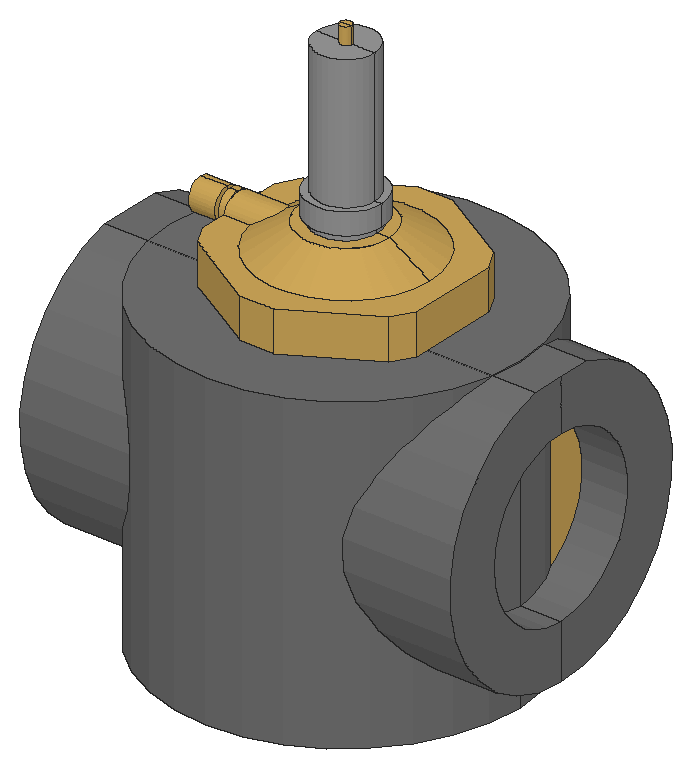
Revit family "Differenzdruckregler 4002 5-30kPa", category Rohrzubehör, Revit 2018
Family settings
  Bemaßung runder Anschluss = Durchmesser verwenden
  Teiletyp = Unterbricht
  OmniClass-Nummer = 23.65.55.14
  OmniClass-Titel = Valves for Liquid Services
  Arbeitsebenenbasiert = Nein
  Immer vertikal = Ja
  Beim Laden mit Abzugskörper schneiden = Nein
  Gemeinsam genutzt = Nein
Parameters (values of type "Mit Dämmung")
  y4 [instance] = y2 - K14  # 56.000 mm
  y3 [instance] = y2 - K14  # 56.000 mm
  y2 [instance] = K14 + K9 + H01  # 72.649 mm
  y1 [instance] = (R03 * 2) + R05  # 140.000 mm
  PN = 16  # constant formula
  Min. Betriebstemperatur (Frostschutz) = -20 °C  # constant formula
  Max. zulässige Betriebstemperatur bis DN32 = 130 °C  # constant formula
  Max. zulässige Betriebstemperatur DN40 - DN50 = 110 °C  # constant formula
  Max. Differenzdruck am Gehäuse = 400000.0 Pa  # constant formula
  Max. Betriebsdruck = 1600000.0 Pa  # constant formula
  Ventilschaft = "Edelstahl 14301"  # constant formula
  VRL01 = 30.000 mm  # constant formula
  V12 = 17.000 mm  # constant formula
  V10 = 16.000 mm  # constant formula
  V08 [instance] = G01 + 3.000 mm  # 38.000 mm
  V03 [instance] = G01 + 5.000 mm  # 40.000 mm
  V02 [instance] = V01 + 4.500 mm  # 29.500 mm
  V01 [instance] = Nennweite / 2  # 25.000 mm
  URL = "www.herz-armaturen.at"
  SCRNSEQ = "ARM;ARM_TYP=\"DIFR\";2"
  SCRNCODE = "05;03;4"  # constant formula
  S07 = 10.000 mm  # constant formula
  S05 [instance] = S01 - 1.000 mm  # 25.000 mm
  S04 [instance] = S02 - 1.000 mm  # 27.000 mm
  S03 [instance] = size_lookup("4002 5-30kPa", "S03", 26.500 mm, Nennweite)  # 37.700 mm
  S02 [instance] = size_lookup("4002 5-30kPa", "S02", 19.000 mm, Nennweite)  # 28.000 mm
  S01 [instance] = size_lookup("4002 5-30kPa", "S01", 14.850 mm, Nennweite)  # 26.000 mm
  Regleranschlussmutter = "Messing CW614N"  # constant formula
  Regelbereich = "5 - 30kPa"  # constant formula
  R06 [instance] = size_lookup("4002 5-30kPa", "R06", 14.500 mm, Nennweite)  # 14.500 mm
  R05 [instance] = size_lookup("4002 5-30kPa", "R05", 41.000 mm, Nennweite)  # 104.000 mm
  R04 [instance] = size_lookup("4002 5-30kPa", "R04", 12.500 mm, Nennweite)  # 14.500 mm
  R03 [instance] = size_lookup("4002 5-30kPa", "R03", 8.000 mm, Nennweite)  # 18.000 mm
  R02 = 14.500 mm  # constant formula
  R01 [instance] = size_lookup("4002 5-30kPa", "R01", 11.500 mm, Nennweite)  # 37.600 mm
  Min. Betriebstemperatur (reines Wasser) = 2 °C  # constant formula
  O-Ringe = "EPDM"  # constant formula
  Nennweite [instance] = 50.000 mm
  Membrangehäuse = "Messing CW602N"  # constant formula
  Membrane = "EPDM"  # constant formula
  Medium = "Wasserbeschaffenheit nach ÖNORM H 5195 und VDI 2035\r\nDie Verwendung von Ethylen- und Propylenglykol ist im\r\nMischungsverhältnis 25 - 50 Vol.-% zulässig."
  L07 [instance] = size_lookup("4002 5-30kPa", "L07", 28.500 mm, Nennweite)  # 70.000 mm
  L [instance] = size_lookup("4002 5-30kPa", "L", 66.000 mm, Nennweite)  # 140.000 mm
  K9 = 4.000 mm  # constant formula
  K8 = 55.000 mm  # constant formula
  K7 = 8.700 mm  # constant formula
  K6 = 11.700 mm  # constant formula
  K5 = 13.000 mm  # constant formula
  K4 = 12.000 mm  # constant formula
  K3 = 15.000 mm  # constant formula
  K2 = 2.350 mm  # constant formula
  K18 = 89.000 mm  # constant formula
  K17 = 66.700 mm  # constant formula
  K16 = 3.000 mm  # constant formula
  K15 = 26.649 mm  # constant formula
  K14 = 16.649 mm  # constant formula
  K13 = 16.649 mm  # constant formula
  K12 = 10.000 mm  # constant formula
  K11 = 35.000 mm  # constant formula
  K10 = 18.250 mm  # constant formula
  K1.1 = 2.350 mm  # constant formula
  K1 = 7.651 mm - 1.000 mm  # 6.651 mm
  J9 = 15.700 mm  # constant formula
  J8 = 7.850 mm  # constant formula
  J7 = 15.897 mm  # constant formula
  J6 = 3.900 mm  # constant formula
  J5 = 6.500 mm  # constant formula
  J4 = 1.500 mm  # constant formula
  J3 = 3.200 mm  # constant formula
  J2 = 11.000 mm  # constant formula
  J11 = 3.500 mm  # constant formula
  J10 = 18.897 mm  # constant formula
  J1 = 6.500 mm  # constant formula
  Hersteller = "HERZ-Armaturen Ges.m.b.H"  # constant formula
  H2 [instance] = size_lookup("4002 5-30kPa", "H2", 28.000 mm, Nennweite)  # 58.000 mm
  H1 [instance] = K1 + K2 + K3 + K4 + K5 + K7 + K8 + K16 + 16.650 mm  # 132.351 mm
  H04 = 4.000 mm  # constant formula
  H03 = 9.800 mm  # constant formula
  H02 [instance] = size_lookup("4002 5-30kPa", "H02", 53.000 mm, Nennweite)  # 107.000 mm
  H01 [instance] = size_lookup("4002 5-30kPa", "H01", 25.000 mm, Nennweite)  # 52.000 mm
  Gehäuse = "DZR Messing CC770S"  # constant formula
  G01 [instance] = size_lookup("4002 5-30kPa", "G01", 13.220 mm, Nennweite)  # 35.000 mm
  Einstellspindel = "Messing CW614N"  # constant formula
  Hinweise zum Material = "Gemäß Art 33 der REACH-Verordnung (EG Nr. 1907/2006) sind wir verpflichtet, darauf hinzuweisen,\r\ndass der Stoff Blei auf der SVHC-Liste geführt wird und dass alle aus Messing bestehenden Bauteile,\r\ndie in unseren Erzeugnissen verarbeitet sind, mehr als 0,1 % (w/w) Blei (CAS: 7439-92-1 / EINECS:\r\n231-100-4) enthalten. Da Blei als Legierungsbestandteil fest gebunden ist, sind keine Expositionen zu\r\nerwarten und daher sind keine zusätzlichen Angaben zur sicheren Verwendung notwendig.\r\n\r\nIm Hanf enthaltenes Ammoniak schädigt\r\nMessingventilgehäuse, EPDM Dichtungen werden durch\r\nMineralöle bzw. mineralölhaltige Schmierstoffe aufgequollen\r\nund führen somit zum Ausfall der EPDM-Dichtungen. Für\r\nFrost- und Korrosionsschutzmittel auf der Basis von Ethylen- und Propylenglykol sind die entsprechenden\r\nAngaben den Unterlagen des Herstellers zu entnehmen."
  Dämmung = yes
  Dämmschale = "EPP (expandiertes Polypropylen)"  # constant formula
  Druckfeder = "Federstahl 14310 NS"  # constant formula
  D07 [instance] = if(Nennweite = 15.000 mm, 32.000 mm, if(Nennweite = 20.000 mm, 33.000 mm, if(Nennweite = 25.000 mm, 33.000 mm, if(Nennweite = 32.000 mm, 49.000 mm, if(Nennweite = 40.000 mm, 57.560 mm, if(Nennweite = 50.000 mm, 57.560 mm, 0.000 mm))))))  # 57.560 mm
  D06 [instance] = if(Nennweite = 15.000 mm, 32.000 mm, if(Nennweite = 20.000 mm, 33.000 mm, if(Nennweite = 25.000 mm, 33.000 mm, if(Nennweite = 32.000 mm, 49.000 mm, if(Nennweite = 40.000 mm, 57.560 mm, if(Nennweite = 50.000 mm, 57.560 mm, 0.000 mm))))))  # 57.560 mm
  D05 [instance] = if(Nennweite = 15.000 mm, 36.750 mm, if(Nennweite = 20.000 mm, 40.700 mm, if(Nennweite = 25.000 mm, 49.200 mm, if(Nennweite = 32.000 mm, 54.150 mm, if(Nennweite = 40.000 mm, 60.750 mm, if(Nennweite = 50.000 mm, 72.700 mm, 0.000 mm))))))  # 72.700 mm
  D04 [instance] = if(Nennweite = 15.000 mm, 78.500 mm, if(Nennweite = 20.000 mm, 82.000 mm, if(Nennweite = 25.000 mm, 84.000 mm, if(Nennweite = 32.000 mm, 120.000 mm, if(Nennweite = 40.000 mm, 130.000 mm, if(Nennweite = 50.000 mm, 130.500 mm, 0.000 mm))))))  # 130.500 mm
  D03 [instance] = if(Nennweite = 15.000 mm, 96.000 mm, if(Nennweite = 20.000 mm, 110.000 mm, if(Nennweite = 25.000 mm, 112.000 mm, if(Nennweite = 32.000 mm, 152.000 mm, if(Nennweite = 40.000 mm, 170.000 mm, if(Nennweite = 50.000 mm, 179.000 mm, 0.000 mm))))))  # 179.000 mm
  D01 [instance] = size_lookup("4002 5-30kPa", "G01", 13.220 mm, Nennweite)  # 35.000 mm
  DN50 [instance] = Nennweite = 50.000 mm  # yes
  DN40 [instance] = Nennweite = 40.000 mm  # no
  DN32-40 [instance] = or(Nennweite = 32.000 mm, Nennweite = 40.000 mm)  # no
  DN32 [instance] = Nennweite = 32.000 mm  # no
  DN25 [instance] = Nennweite = 25.000 mm  # no
  DN20 [instance] = Nennweite = 20.000 mm  # no
  DN15-25 [instance] = or(Nennweite = 15.000 mm, Nennweite = 20.000 mm, Nennweite = 25.000 mm)  # no
  DN15,20,25,32,50 [instance] = or(Nennweite = 15.000 mm, Nennweite = 20.000 mm, Nennweite = 25.000 mm, Nennweite = 32.000 mm, Nennweite = 50.000 mm)  # yes
  DN15 [instance] = Nennweite = 15.000 mm  # no
  D02 [instance] = size_lookup("4002 5-30kPa", "R05", 41.000 mm, Nennweite)  # 104.000 mm
  Bestellnummer Dämmung [instance] = if(and(Dämmung, Nennweite = 15.000 mm), 1409611, if(and(Dämmung, Nennweite = 20.000 mm), 1409612, if(and(Dämmung, Nennweite = 25.000 mm), 1409613, if(and(Dämmung, Nennweite = 32.000 mm), 1409614, if(and(Dämmung, Nennweite = 40.000 mm), 1409615, if(and(Dämmung, Nennweite = 50.000 mm), 1409616, 0))))))  # 1409616
  Bestellnummer [instance] = size_lookup("4002 5-30kPa", "Artnr", 0, Nennweite)  # 1400246
  B2 [instance] = size_lookup("4002 5-30kPa", "B2", 31.000 mm, Nennweite)  # 41.000 mm
  B1 [instance] = size_lookup("4002 5-30kPa", "B1", 26.000 mm, Nennweite)  # 41.000 mm
  B04 = 100.649 mm  # constant formula
  B03 = 44.500 mm  # constant formula
  B02 = 104.688 mm  # constant formula
  B01 = 10.000 mm  # constant formula
  Anzeigehülse = "Kunststoff (Rot)"  # constant formula
  Anwendungsgebiet = "Der Differenzdruckregler ist ein Regler mit linearer Kennlinie in Geradsitzausführung und arbeitet ohne\r\nHilfsenergie. Der gewünschte Differenzdruck-Sollwert kann zwischen 5 und 30 kPa; 25 und 60 kPa bzw.\r\n45 und 80 kPa stufenlos eingestellt werden. Der eingestellte Wert ist mit Hilfe des Einstelldiagrammes\r\nablesbar. Werksseitig ist der Sollwert auf Minimum eingestellt. Der erforderliche Sollwert wird mit dem\r\nEinstellwerkzeug (1 4006 02) eingestellt. Im Lieferumfang enthalten ist die Impulsleitung (1000 mm),\r\ndiese ist im Vorlauf einzubinden."
  Anschlussnippel = "Messing CW602N"  # constant formula
Types (2, lengths in mm): name | Dämmung | Bestellnummer Dämmung
  Mit Dämmung | yes | 1409616
  Ohne Dämmung | no | 0
Reference planes
  plane 1 "Mitte (Vorne/hinten)": y = 0
  plane 2: z = 0
  plane 3 "Mitte (Links/rechts)": x = 0
Forms (mm)
  Revolve 1, solid, material "Messing, weicher Gelbton, geschweißt", detail levels fine
    sketch origin (0, 0, 0) x (1, 0, 0) y (0, 0, 1)
      loop
        line (-70, 0) -> (70, 0) -> (70, 35) -> (52, 35) -> (52, 37.6) -> (-52, 37.6) -> (-52, 35) -> (-70, 35) -> (-70, 0)
      axis (-70, 0) -> (70, 0)
    angle from 0 to 360
  Revolve 2, solid, material "Messing, weicher Gelbton, geschweißt", detail levels fine
    sketch origin (0, 0, 0) x (1, 0, 0) y (0, 0, 1)
      loop
        line (0, -58) -> (0, 0) -> (-27, 0) -> (-27, -48.2) -> (-28, -48.2) -> (-28, -58) -> (0, -58)
      axis (0, 0) -> (0, -58)
    angle from 0 to 360
  Extrusion 3, solid, material "Messing, weicher Gelbton, geschweißt", detail levels fine
    sketch origin (0, 0, 0) x (0, -1, 0) y (1, 0, 0)
      loop
        line (-46, -7.038) -> (-27.114, -39.75) -> (-18.886, -44.5) -> (18.886, -44.5) -> (27.114, -39.75) -> (46, -7.038) -> (46, 7.038) -> (27.114, 39.75) -> (18.886, 44.5) -> (-18.886, 44.5) -> (-27.114, 39.75) -> (-46, 7.038) -> (-46, -7.038)
    from 56 to 72.649
  Revolve 4, solid, material "Messing, weicher Gelbton, geschweißt", detail levels fine
    sketch origin (0, 0, -7.051) x (1, 0, 0) y (0, 0, 1)
      loop
        line (0, 79.7) -> (0, 89.7) -> (-18.25, 89.7) -> (-35, 79.7) -> (0, 79.7)
      axis (0, 89.7) -> (0, 79.7)
    angle from 0 to 360
  Revolve 5, solid, material "Messing, weicher Gelbton, geschweißt", visible <- "DN15-25", detail levels fine
    sketch origin (-11, 0, 0) x (1, 0, 0) y (0, 1, 0)
      loop
        line (-3.5, 41) -> (-11.2, 41) -> (-11.2, 0) -> (-3.5, 0) -> (-3.5, 41)
      axis (-3.5, 0) -> (-3.5, 41)
    angle from 0 to 360
  Revolve 6, solid, material "Messing, weicher Gelbton, geschweißt", visible <- "DN15,20,25,32,50", detail levels fine
    sketch origin (-0.988, 0, -6.853) x (-1, 0, 0) y (0, 0, 1)
      loop
        line (43.5, 78.75) -> (59.2, 78.75) -> (59.2, 85.25) -> (48.2, 85.25) -> (48.2, 82.65) -> (46.7, 82.65) -> (46.7, 85.25) -> (43.5, 85.25) -> (43.5, 78.75)
      axis (43.5, 78.75) -> (59.2, 78.75)
    angle from 0 to 360
  Extrusion 7, solid, material "Messing, weicher Gelbton, geschweißt", visible <- "DN15,20,25,32,50", detail levels fine
    sketch origin (0, 0, 0) x (0, 1, 0) y (0, 0, -1)
      loop
        line (7.85, -70.547) -> (7.85, -59.5) -> (-7.85, -59.5) -> (-7.85, -70.547)
        arc (-7.85, -70.547) -> (0, -78.397) -> (7.85, -70.547) r 7.85
    from 0 to 44.5
  Revolve 8, solid, material "Kunststoff rot", detail levels fine
    sketch origin (0, 0, 0) x (1, 0, 0) y (0, 0, 1)
      loop
        line (-12, 149.349) -> (-12, 94.349) -> (-15, 94.349) -> (-15, 85.649) -> (-13, 85.649) -> (-13, 82.649) -> (0, 82.649) -> (0, 149.349) -> (-12, 149.349)
      axis (0, 149.349) -> (0, 82.649)
    angle from 0 to 360
  Revolve 9, solid, material "Messing, weicher Gelbton, geschweißt", visible <- "DN15-25", detail levels fine
    sketch origin (-2, 0, 0) x (1, 0, 0) y (0, 1, 0)
      loop
        line (-12.5, 0) -> (-21.5, 0) -> (-21.5, -41) -> (-12.5, -41) -> (-12.5, 0)
      axis (-12.5, 0) -> (-12.5, -41)
    angle from 0 to 360
  Revolve 10, solid, material "Messing, weicher Gelbton, geschweißt", visible <- "DN15-25", detail levels fine
    sketch origin (2, 0, 0) x (1, 0, 0) y (0, 1, 0)
      loop
        line (12.5, 0) -> (12.5, -41) -> (21.6, -41) -> (21.6, 0) -> (12.5, 0)
      axis (12.5, 0) -> (12.5, -41)
    angle from 0 to 360
  Extrusion 11, solid, material "Messing, weicher Gelbton, geschweißt", visible <- "DN32", detail levels fine
    sketch origin (-31.5, 0, 0) x (1, 0, 0) y (0, 1, 0)
      loop
        circle (63, 0) r 6.578
      loop
        circle (63, 0) r 3.28
    from -47 to 0
  Extrusion 12, solid, material "Messing, weicher Gelbton, geschweißt", visible <- "DN32", detail levels fine
    sketch origin (31.5, 0, 0) x (-1, 0, 0) y (0, -1, 0)
      loop
        circle (63, 0) r 6.578
      loop
        circle (63, 0) r 3.28
    from -47 to 0
  Revolve 13, solid, material "Messing, weicher Gelbton, geschweißt", detail levels fine
    sketch origin (0, 0, 0) x (1, 0, 0) y (0, 0, 1)
      loop
        line (-25, 0) -> (0, 0) -> (0, 56) -> (-21, 56) -> (-21, 52) -> (-26, 52) -> (-26, 42.2) -> (-25, 42.2) -> (-25, 0)
      axis (0, 56) -> (0, 0)
    angle from 0 to 360
  Extrusion 14, solid, material "Messing, weicher Gelbton, geschweißt", visible <- "DN40", detail levels fine
    sketch origin (29.382, 0, 0) x (-1, 0, 0) y (0, -1, 0)
      loop
        circle (63, 0) r 6.578
      loop
        circle (63, 0) r 3.28
    from -58 to 0
  Extrusion 15, solid, material "Messing, weicher Gelbton, geschweißt", visible <- "DN40", detail levels fine
    sketch origin (-29.455, 0, 0) x (1, 0, 0) y (0, 1, 0)
      loop
        circle (63, 0) r 6.578
      loop
        circle (63, 0) r 3.28
    from -58 to 0
  Extrusion 16, solid, material "Messing, weicher Gelbton, geschweißt", visible <- "DN50", detail levels fine
    sketch origin (28.422, 0, 0) x (-1, 0, 0) y (0, -1, 0)
      loop
        circle (63, 0) r 6.578
      loop
        circle (63, 0) r 3.28
    from -58 to 0
  Extrusion 17, solid, material "Messing, weicher Gelbton, geschweißt", visible <- "DN50", detail levels fine
    sketch origin (-28.422, 0, 0) x (1, 0, 0) y (0, 1, 0)
      loop
        circle (63, 0) r 6.578
      loop
        circle (63, 0) r 3.28
    from -58 to 0
  Revolve 18, solid, material "Messing, weicher Gelbton, geschweißt", detail levels fine
    sketch origin (0, 0, 0) x (1, 0, 0) y (0, 0, 1)
      loop
        line (-2.35, 148.349) -> (0, 148.349) -> (0, 156) -> (-2.35, 156) -> (-2.35, 148.349)
      axis (0, 156) -> (0, 148.349)
    angle from 0 to 360
  Revolve 19, solid, material "Messing, weicher Gelbton, geschweißt", visible <- "DN32-40", detail levels fine
    sketch origin (-11, 0, 0) x (1, 0, 0) y (0, 1, 0)
      loop
        line (-3.5, -41) -> (-3.5, 0) -> (-11.2, 0) -> (-11.2, -41) -> (-3.5, -41)
      axis (-3.5, 0) -> (-3.5, -41)
    angle from 0 to 360
  Extrusion 20, solid, material "Messing, weicher Gelbton, geschweißt", visible <- "DN40", detail levels fine
    sketch origin (0, 0, 0) x (0, 1, 0) y (0, 0, 1)
      loop
        arc (7.85, 74.047) -> (0, 81.897) -> (-7.85, 74.047) r 7.85
        line (-7.85, 74.047) -> (-7.85, 63) -> (7.85, 63) -> (7.85, 74.047)
    from 0 to 44.5
  Revolve 21, solid, material "Messing, weicher Gelbton, geschweißt", visible <- "DN40", detail levels fine
    sketch origin (0.988, 0, -6.853) x (1, 0, 0) y (0, 0, 1)
      loop
        line (43.5, 82.25) -> (59.2, 82.25) -> (59.2, 88.75) -> (48.2, 88.75) -> (48.2, 86.15) -> (46.7, 86.15) -> (46.7, 88.75) -> (43.5, 88.75) -> (43.5, 82.25)
      axis (43.5, 82.25) -> (59.2, 82.25)
    angle from 0 to 360
  Revolve 22, solid, material "Messing, weicher Gelbton, geschweißt", not visible, detail levels fine
    sketch origin (16.501, 0, 0) x (-1, 0, 0) y (0, 0, 1)
      loop
        line (86.501, 0) -> (116.501, 0) -> (116.501, 25) -> (99.501, 25) -> (99.501, 29.5) -> (90.501, 29.5) -> (90.501, 40) -> (83.501, 40) -> (83.501, 38) -> (68.501, 38) -> (68.501, 35) -> (86.501, 35) -> (86.501, 0)
      axis (68.501, 0) -> (116.501, 0)
    angle from 0 to 360
  Revolve 23, solid, material "Messing, weicher Gelbton, geschweißt", not visible, detail levels fine
    sketch origin (-16.501, 0, 0) x (1, 0, 0) y (0, 0, 1)
      loop
        line (86.501, 0) -> (116.501, 0) -> (116.501, 25) -> (99.501, 25) -> (99.501, 29.5) -> (90.501, 29.5) -> (90.501, 40) -> (83.501, 40) -> (83.501, 38) -> (68.501, 38) -> (68.501, 35) -> (86.501, 35) -> (86.501, 0)
      axis (68.501, 0) -> (116.501, 0)
    angle from 0 to 360
  Revolve 24, solid, material "Kunststoff-Anthrazit/Schwarz", visible <- "Dämmung", detail levels fine
    sketch origin (0, 0, 0) x (1, 0, 0) y (0, 0, 1)
      loop
        line (89.5, 57.56) -> (-89.5, 57.56) -> (-89.5, 35) -> (-52, 35) -> (-52, 0) -> (0, 0) -> (52, 0) -> (52, 35) -> (89.5, 35) -> (89.5, 57.56)
      axis (-89.5, 0) -> (89.5, 0)
    angle from 0 to 360
  Revolve 25, solid, material "Kunststoff-Anthrazit/Schwarz", visible <- "Dämmung", detail levels fine
    sketch origin (0, 0, 0) x (1, 0, 0) y (0, 0, 1)
      loop
        line (0, 57.56) -> (0, -72.94) -> (72.7, -72.94) -> (72.7, 57.56) -> (0, 57.56)
      axis (0, -72.94) -> (0, 57.56)
    angle from 0 to 360
  Extrusion 26, void
    sketch origin (-250.451, -32.5, 0) x (1, 0, 0) y (0, 1, 0)
      loop
        line (153.352, -86.003) -> (360.451, -86.003) -> (360.451, 115.627) -> (153.352, 115.627) -> (153.352, -86.003)
    from 56 to 72.649
  Extrusion 27, void
    sketch origin (-295.468, -55, 0) x (1, 0, 0) y (0, 1, 0)
      loop
        line (159.813, -75.595) -> (420.468, -75.595) -> (420.468, 210) -> (159.813, 210) -> (159.813, -75.595)
    from 56 to 72.649
Cuts and joins
  Extrusion 26 cuts Revolve 24
  Extrusion 27 cuts Revolve 25
Lines and regions (mm)
  model lines, detail levels coarse+medium
    curve 1: line (70, -35, 0) -> (70, 35, 0)
    curve 2: line (70, 35, 0) -> (-70, -35, 0)
    curve 3: line (-70, -35, 0) -> (-70, 35, 0)
    curve 4: line (-70, 35, 0) -> (70, -35, 0)
    curve 5: line (0, -42, 0) -> (0, -56, 0)
    curve 6: spline (-44.5, -64.324, 0) -> (-42.984, -62.17, 0) -> (-38.538, -60.162, 0) -> (-31.466, -58.438, 0) -> (-22.25, -57.115, 0) -> (-11.517, -56.284, 0) -> (0, -56, 0) -> (11.517, -56.284, 0) -> (22.25, -57.115, 0) -> (31.466, -58.438, 0) -> (38.538, -60.162, 0) -> (42.984, -62.17, 0) -> (44.5, -64.325, 0) -> (42.984, -66.479, 0) -> (38.538, -68.487, 0) -> (31.466, -70.211, 0) -> (22.25, -71.534, 0) -> (11.517, -72.365, 0) -> (0, -72.649, 0) -> (-11.517, -72.365, 0) -> (-22.25, -71.534, 0) -> (-31.466, -70.211, 0) -> (-38.538, -68.487, 0) -> (-42.984, -66.479, 0) -> (-44.5, -64.324, 0)
    curve 7: line (-70, 0, 35) -> (-70, 0, -35)
    curve 8: line (-70, 0, -35) -> (70, 0, 35)
    curve 10: line (70, 0, -35) -> (-70, 0, 35)
    curve 11: line (0, 0, 35) -> (0, 0, 56)
    curve 12: spline (-44.5, 0, 64.325) -> (-42.984, 0, 66.479) -> (-38.538, 0, 68.487) -> (-31.466, 0, 70.211) -> (-22.25, 0, 71.534) -> (-11.517, 0, 72.365) -> (0, 0, 72.649) -> (11.517, 0, 72.365) -> (22.25, 0, 71.534) -> (31.466, 0, 70.211) -> (38.538, 0, 68.487) -> (42.984, 0, 66.479) -> (44.5, 0, 64.324) -> (42.984, 0, 62.17) -> (38.538, 0, 60.162) -> (31.466, 0, 58.438) -> (22.25, 0, 57.115) -> (11.517, 0, 56.284) -> (0, 0, 56) -> (-11.517, 0, 56.284) -> (-22.25, 0, 57.115) -> (-31.466, 0, 58.438) -> (-38.538, 0, 60.162) -> (-42.984, 0, 62.17) -> (-44.5, 0, 64.325)
    curve 13: line (0, 0, 35) -> (35, 0, 17.5)
    curve 14: line (0, 0, 35) -> (-35, 0, 17.5)
    curve 15: line (70, 0, 0) -> (100, 0, 0)
    curve 16: line (0, -42, 0) -> (-18.2, -9.1, 0)
    curve 17: line (0, -42, 0) -> (18.2, -9.1, 0)
    curve 22: line (70, 0, 35) -> (80, 0, 35)
    curve 23: line (80, 0, 35) -> (70, 0, 0)
    curve 24: line (70, 0, 0) -> (100, 0, 0)
    curve 25: line (70, 0, -35) -> (80, 0, -35)
    curve 26: line (80, 0, -35) -> (70, 0, 0)
    curve 27: line (-70, 35, 0) -> (-80, 35, 0)
    curve 28: line (-80, 35, 0) -> (-70, 0, 0)
    curve 29: line (-70, -35, 0) -> (-80, -35, 0)
    curve 30: line (-80, -35, 0) -> (-70, 0, 0)
    curve 31: line (70, -35, 0) -> (70, 35, 0)
    curve 32: line (70, 35, 0) -> (80, 35, 0)
    curve 33: line (80, 35, 0) -> (70, 0, 0)
    curve 34: line (70, -35, 0) -> (80, -35, 0)
    curve 35: line (80, -35, 0) -> (70, 0, 0)
  model lines, detail levels coarse
    curve 9: line (70, 0, 35) -> (70, 0, -35)
    curve 18: line (-70, 0, 35) -> (-80, 0, 35)
    curve 19: line (-80, 0, 35) -> (-70, 0, 0)
    curve 20: line (-70, 0, -35) -> (-80, 0, -35)
    curve 21: line (-80, 0, -35) -> (-70, 0, 0)
  model lines
    curve 36: line (0, 0, 0) -> (0, -37.5, 0)
    curve 37: line (0, 0, 0) -> (0, -61.5, 0)
Dimensions and locks
  "G01": Revolve 1 sketch curve to Revolve 1 sketch curve  (x2)
  "R01": Revolve 1 sketch curve to Revolve 1 sketch curve
  "R03": Revolve 1 sketch curve to Revolve 1 sketch curve  (x2)
  "K10": Revolve 4 sketch curve to Revolve 4 sketch curve
  "K11": Revolve 4 sketch curve to Revolve 4 sketch curve
  "B1": Revolve 5 sketch curve to Revolve 5 sketch curve
  "J1": Revolve 6 sketch curve to Revolve 6 sketch curve
  "J3": Revolve 6 sketch curve to Revolve 6 sketch curve
  "J4": Revolve 6 sketch curve to Revolve 6 sketch curve
  "J2": Revolve 6 sketch curve to Revolve 6 sketch curve
  "J5": Revolve 6 sketch curve to Revolve 6 sketch curve
  "J6": Revolve 6 sketch curve to Revolve 6 sketch curve
  "H2": plane 2 to Revolve 2 sketch curve
  "H03": Revolve 2 sketch curve to Revolve 2 sketch curve
  "S02": plane 3 "Mitte (Links/rechts)" to Revolve 2 sketch curve
  "B02": Revolve 6 to Extrusion 3
  "B03": Extrusion 3 to plane 3 "Mitte (Links/rechts)"
  "R04": Revolve 5 sketch curve to plane 3 "Mitte (Links/rechts)"
  "K4": Revolve 8 sketch curve to Revolve 8 sketch curve
  "K3": Revolve 8 sketch curve to Revolve 8 sketch curve
  "K7": Revolve 8 sketch curve to Revolve 8 sketch curve
  "K5": Revolve 8 sketch curve to Revolve 8 sketch curve
  "K8": Revolve 8 sketch curve to Revolve 8 sketch curve
  "K12": Revolve 4 sketch curve to Revolve 4 sketch curve
  "K13": Revolve 4 sketch curve to Extrusion 3
  "K14": Extrusion 3 to Extrusion 3
  "K16": Revolve 8 sketch curve to Revolve 8 sketch curve
  "K15": Revolve 8 to Extrusion 3
  "R05": Revolve 1 sketch curve to Revolve 1 sketch curve
  plane 3 "Mitte (Links/rechts)" to Revolve 1 sketch curve = 70.000 mm
  Revolve 1 sketch curve to plane 3 "Mitte (Links/rechts)" = 70.000 mm
  equal spacing: Revolve 1 sketch curve, plane 3 "Mitte (Links/rechts)", Revolve 1 sketch curve
  "B2": plane 1 "Mitte (Vorne/hinten)" to Revolve 9 sketch curve
  "B2": Revolve 10 sketch curve to plane 1 "Mitte (Vorne/hinten)"
  "R06": Revolve 9 sketch curve to plane 3 "Mitte (Links/rechts)"
  "R06": plane 3 "Mitte (Links/rechts)" to Revolve 10 sketch curve
  "S01": Revolve 13 sketch curve to plane 3 "Mitte (Links/rechts)"
  "S05": plane 3 "Mitte (Links/rechts)" to Revolve 13 sketch curve
  "H04": Revolve 13 sketch curve to Revolve 13 sketch curve
  "H03": Revolve 13 sketch curve to Revolve 13 sketch curve
  "H01": Revolve 13 sketch curve to plane 2
  "K9": Extrusion 3 to Revolve 13
  Revolve 2 sketch curve to Revolve 2 sketch curve = 1.000 mm
  "J7": Revolve 6 sketch curve to Extrusion 3
  "J9": Extrusion 7 sketch curve to Extrusion 7 sketch curve
  "J10": Revolve 6 to Extrusion 7 sketch curve
  "J11": Extrusion 7 sketch curve to Extrusion 3
  equal spacing: curve 7, curve 6, curve 9
  "K18": Extrusion 3 to Extrusion 3
  equal spacing: curve 7, curve 14, curve 14
  equal spacing: curve 14, curve 13, curve 9
  "G01": curve 10 to plane 2
  "G01": plane 2 to curve 8
  "G01": curve 9 to plane 2
  "G01": plane 2 to curve 10
  "K18": curve 12 to curve 12
  "y1": curve 7 to curve 9
  "G01": curve 14 to plane 2
  "K14": curve 12 to curve 12
  "y2": curve 12 to plane 2
  "G01": plane 1 "Mitte (Vorne/hinten)" to curve 4
  "G01": curve 3 to plane 1 "Mitte (Vorne/hinten)"
  equal spacing: curve 3, curve 12, curve 1
  equal spacing: curve 3, curve 17, curve 1
  "y1": curve 3 to curve 1
  "G01": plane 1 "Mitte (Vorne/hinten)" to curve 2
  "G01": curve 4 to plane 1 "Mitte (Vorne/hinten)"
  "K18": curve 6 to curve 6
  "K14": curve 6 to curve 6
  "y2": curve 6 to plane 1 "Mitte (Vorne/hinten)"
  "K1": Revolve 18 sketch curve to Revolve 8
  "K1.1": plane 3 "Mitte (Links/rechts)" to Revolve 18 sketch curve
  "B1": Revolve 19 sketch curve to Revolve 19 sketch curve
  "R04": Revolve 19 sketch curve to plane 3 "Mitte (Links/rechts)"
  Revolve 18 to Revolve 2 = 214.000 mm
  "J9": Extrusion 20 sketch curve to Extrusion 20 sketch curve
  "J1": Revolve 21 sketch curve to Revolve 21 sketch curve
  "J3": Revolve 21 sketch curve to Revolve 21 sketch curve
  "J4": Revolve 21 sketch curve to Revolve 21 sketch curve
  "J2": Revolve 21 sketch curve to Revolve 21 sketch curve
  "J5": Revolve 21 sketch curve to Revolve 21 sketch curve
  "J6": Revolve 21 sketch curve to Revolve 21 sketch curve
  "R03": Revolve 22 sketch curve to Revolve 22 sketch curve
  "V12": Revolve 22 sketch curve to Revolve 22 sketch curve
  "VRL01": Revolve 22 sketch curve to Revolve 22 sketch curve
  "V10": Revolve 22 sketch curve to Revolve 22 sketch curve
  "V01": Revolve 22 sketch curve to plane 2
  "V02": Revolve 22 sketch curve to plane 2
  "G01": Revolve 22 sketch curve to plane 2
  "V08": Revolve 22 sketch curve to plane 2
  "V03": Revolve 22 sketch curve to plane 2
  "L07": Revolve 22 to plane 3 "Mitte (Links/rechts)"
  "R03": Revolve 23 sketch curve to Revolve 23 sketch curve
  "V12": Revolve 23 sketch curve to Revolve 23 sketch curve
  "VRL01": Revolve 23 sketch curve to Revolve 23 sketch curve
  "V10": Revolve 23 sketch curve to Revolve 23 sketch curve
  "V01": Revolve 23 sketch curve to plane 2
  "V02": Revolve 23 sketch curve to plane 2
  "G01": Revolve 23 sketch curve to plane 2
  "V08": Revolve 23 sketch curve to plane 2
  "V03": Revolve 23 sketch curve to plane 2
  "L07": plane 3 "Mitte (Links/rechts)" to Revolve 23
  "S07": curve 21 to Revolve 1
  "S07": curve 19 to Revolve 22
  "S07": Revolve 23 to curve 23
  "S07": Revolve 23 to curve 26
  "S07": curve 28 to curve 3
  "S07": curve 30 to curve 3
  "S07": curve 31 to curve 33
  "S07": curve 31 to curve 35
  equal spacing: Revolve 24 sketch curve, plane 3 "Mitte (Links/rechts)", Revolve 24 sketch curve  (x2)
  "D01": Revolve 24 sketch curve to plane 2  (x2)
  "D02": Revolve 24 sketch curve to Revolve 24 sketch curve
  "D03": Revolve 24 sketch curve to Revolve 24 sketch curve
  "D04": Revolve 25 sketch curve to Revolve 25 sketch curve
  "D05": Revolve 25 sketch curve to plane 3 "Mitte (Links/rechts)"
  "D06": Revolve 25 sketch curve to plane 2
  plane 2 to Revolve 25 sketch curve = 72.940 mm
  "K9": Extrusion 26 to Revolve 13
  "K14": Extrusion 26 to Extrusion 26
  "K14": Extrusion 27 to Extrusion 27
  "K9": Extrusion 27 to Revolve 13
  "D07": Revolve 24 sketch curve to plane 2
  "J8": radius of Extrusion 7 sketch curve
  "J8": radius of Extrusion 20 sketch curve
  aligned and locked: level to plane 2
Automatic sketch dimensions
  plane 3 "Mitte (Links/rechts)" to Extrusion 3 sketch curve = 7.038 mm  (x2)
  Extrusion 3 sketch curve to plane 1 "Mitte (Vorne/hinten)" = 46.000 mm
  Extrusion 3 sketch curve to plane 1 "Mitte (Vorne/hinten)" = 27.114 mm  (x2)
  Extrusion 3 sketch curve to Extrusion 3 sketch curve = 8.227 mm  (x4)
  plane 1 "Mitte (Vorne/hinten)" to Extrusion 3 sketch curve = 18.886 mm  (x2)
  Extrusion 3 sketch curve to Extrusion 3 sketch curve = 18.886 mm
  Extrusion 3 sketch curve to plane 3 "Mitte (Links/rechts)" = 7.038 mm  (x2)
  Extrusion 3 sketch curve to Extrusion 3 sketch curve = 32.712 mm  (x4)
  Extrusion 3 sketch curve to Extrusion 3 sketch curve = 4.750 mm  (x2)
  Extrusion 11 sketch curve to Extrusion 11 sketch curve = 0.000 mm  (x2)
  plane 1 "Mitte (Vorne/hinten)" to Extrusion 11 sketch curve = 0.000 mm
  plane 3 "Mitte (Links/rechts)" to Extrusion 11 sketch curve = 31.500 mm
  Extrusion 12 sketch curve to Extrusion 12 sketch curve = 0.000 mm  (x2)
  plane 1 "Mitte (Vorne/hinten)" to Extrusion 12 sketch curve = 0.000 mm
  plane 3 "Mitte (Links/rechts)" to Extrusion 12 sketch curve = 31.500 mm
  Extrusion 14 sketch curve to Extrusion 14 sketch curve = 0.000 mm  (x2)
  plane 1 "Mitte (Vorne/hinten)" to Extrusion 14 sketch curve = 0.000 mm
  plane 3 "Mitte (Links/rechts)" to Extrusion 14 sketch curve = 33.618 mm
  Extrusion 15 sketch curve to Extrusion 15 sketch curve = 0.000 mm  (x2)
  plane 1 "Mitte (Vorne/hinten)" to Extrusion 15 sketch curve = 0.000 mm
  plane 3 "Mitte (Links/rechts)" to Extrusion 15 sketch curve = 33.545 mm
  Extrusion 16 sketch curve to Extrusion 16 sketch curve = 0.000 mm  (x2)
  plane 1 "Mitte (Vorne/hinten)" to Extrusion 16 sketch curve = 0.000 mm
  plane 3 "Mitte (Links/rechts)" to Extrusion 16 sketch curve = 34.578 mm
  Extrusion 17 sketch curve to Extrusion 17 sketch curve = 0.000 mm  (x2)
  plane 1 "Mitte (Vorne/hinten)" to Extrusion 17 sketch curve = 0.000 mm
  plane 3 "Mitte (Links/rechts)" to Extrusion 17 sketch curve = 34.578 mm
  curve 37 to plane 1 "Mitte (Vorne/hinten)" = 0.000 mm
  curve 36 to curve 36 = 37.500 mm
  curve 37 to curve 36 = 24.000 mm
  curve 36 to level = 0.000 mm
  plane 1 "Mitte (Vorne/hinten)" to Extrusion 26 sketch curve = 118.503 mm
  Extrusion 26 sketch curve to plane 1 "Mitte (Vorne/hinten)" = 83.127 mm
  Extrusion 26 sketch curve to plane 3 "Mitte (Links/rechts)" = 97.099 mm
  Extrusion 26 sketch curve to Extrusion 26 sketch curve = 207.099 mm
  plane 1 "Mitte (Vorne/hinten)" to Extrusion 27 sketch curve = 130.595 mm
  Extrusion 27 sketch curve to plane 1 "Mitte (Vorne/hinten)" = 155.000 mm
  Extrusion 27 sketch curve to plane 3 "Mitte (Links/rechts)" = 135.656 mm
  Extrusion 27 sketch curve to Extrusion 27 sketch curve = 260.656 mm
  curve 14 to plane 3 "Mitte (Links/rechts)" = 0.000 mm
  curve 12 to plane 3 "Mitte (Links/rechts)" = 0.000 mm
  curve 15 to level = 0.000 mm
  curve 24 to level = 0.000 mm
  curve 21 to level = 0.000 mm
  curve 19 to level = 0.000 mm
  curve 15 to curve 15 = 30.000 mm
  curve 24 to curve 15 = 0.000 mm
  plane 1 "Mitte (Vorne/hinten)" to curve 28 = 0.000 mm
  curve 17 to plane 3 "Mitte (Links/rechts)" = 0.000 mm
  curve 6 to plane 3 "Mitte (Links/rechts)" = 0.000 mm
  plane 1 "Mitte (Vorne/hinten)" to curve 33 = 0.000 mm
  curve 5 to curve 16 = 14.000 mm
  plane 1 "Mitte (Vorne/hinten)" to curve 16 = 9.100 mm
  plane 1 "Mitte (Vorne/hinten)" to curve 17 = 9.100 mm
  Revolve 1 sketch curve to level = 0.000 mm  (x2)
  Revolve 1 sketch curve to Revolve 1 sketch curve = 1473.530 mm
  Revolve 1 sketch curve to Revolve 1 sketch curve = 1806.148 mm
  Revolve 2 sketch curve to level = 0.000 mm
  Revolve 2 sketch curve to plane 3 "Mitte (Links/rechts)" = 0.000 mm  (x2)
  Revolve 2 sketch curve to Revolve 2 sketch curve = 1.000 mm
  Revolve 2 sketch curve to Revolve 2 sketch curve = 334.045 mm
  level to Revolve 2 sketch curve = 2218.015 mm
  Revolve 4 sketch curve to plane 3 "Mitte (Links/rechts)" = 0.000 mm  (x2)
  Revolve 4 sketch curve to level = 373.096 mm
  Revolve 4 sketch curve to Revolve 4 sketch curve = 2155.315 mm
  plane 1 "Mitte (Vorne/hinten)" to Revolve 5 sketch curve = 0.000 mm  (x2)
  Revolve 5 sketch curve to Revolve 5 sketch curve = 0.000 mm  (x2)
  Revolve 5 sketch curve to Revolve 5 sketch curve = 7.700 mm
  plane 3 "Mitte (Links/rechts)" to Revolve 6 sketch curve = 44.488 mm
  Revolve 6 sketch curve to Revolve 6 sketch curve = 0.000 mm  (x3)
  Extrusion 7 sketch curve to plane 1 "Mitte (Vorne/hinten)" = 0.000 mm
  Extrusion 7 sketch curve to Extrusion 7 sketch curve = 11.047 mm
  Extrusion 7 sketch curve to Extrusion 7 sketch curve = 0.000 mm
  Revolve 8 sketch curve to plane 3 "Mitte (Links/rechts)" = 0.000 mm  (x2)
  level to Revolve 8 sketch curve = 82.649 mm
  Revolve 8 sketch curve to Revolve 8 sketch curve = 0.000 mm  (x2)
  plane 1 "Mitte (Vorne/hinten)" to Revolve 9 sketch curve = 0.000 mm  (x2)
  Revolve 9 sketch curve to Revolve 9 sketch curve = 9.000 mm
  Revolve 9 sketch curve to Revolve 9 sketch curve = 0.000 mm  (x2)
  plane 1 "Mitte (Vorne/hinten)" to Revolve 10 sketch curve = 0.000 mm  (x2)
  Revolve 10 sketch curve to Revolve 10 sketch curve = 9.100 mm
  Revolve 10 sketch curve to Revolve 10 sketch curve = 0.000 mm  (x2)
  Revolve 13 sketch curve to level = 0.000 mm  (x2)
  Revolve 13 sketch curve to plane 3 "Mitte (Links/rechts)" = 0.000 mm  (x2)
  Revolve 13 sketch curve to Revolve 13 sketch curve = 5.000 mm
  Revolve 13 sketch curve to Revolve 13 sketch curve = 0.000 mm
  Revolve 18 sketch curve to plane 3 "Mitte (Links/rechts)" = 0.000 mm  (x2)
  Revolve 18 sketch curve to Revolve 18 sketch curve = 7.651 mm
  Revolve 18 sketch curve to Revolve 18 sketch curve = 0.000 mm  (x2)
  plane 1 "Mitte (Vorne/hinten)" to Revolve 19 sketch curve = 0.000 mm  (x2)
  Revolve 19 sketch curve to Revolve 19 sketch curve = 7.700 mm
  Revolve 19 sketch curve to Revolve 19 sketch curve = 0.000 mm  (x2)
  Extrusion 20 sketch curve to plane 1 "Mitte (Vorne/hinten)" = 0.000 mm
  level to Extrusion 20 sketch curve = 63.000 mm
  Extrusion 20 sketch curve to Extrusion 20 sketch curve = 11.047 mm
  Extrusion 20 sketch curve to Extrusion 20 sketch curve = 0.000 mm
  plane 3 "Mitte (Links/rechts)" to Revolve 21 sketch curve = 44.488 mm
  level to Revolve 21 sketch curve = 75.397 mm
  Revolve 21 sketch curve to Revolve 21 sketch curve = 0.000 mm  (x3)
  Revolve 22 sketch curve to level = 0.000 mm  (x2)
  plane 3 "Mitte (Links/rechts)" to Revolve 22 sketch curve = 52.000 mm
  Revolve 22 sketch curve to Revolve 22 sketch curve = 4.000 mm
  Revolve 22 sketch curve to Revolve 22 sketch curve = 0.000 mm  (x2)
  Revolve 23 sketch curve to level = 0.000 mm  (x2)
  plane 3 "Mitte (Links/rechts)" to Revolve 23 sketch curve = 52.000 mm
  Revolve 23 sketch curve to Revolve 23 sketch curve = 4.000 mm
  Revolve 23 sketch curve to Revolve 23 sketch curve = 0.000 mm  (x2)
  Revolve 24 sketch curve to level = 0.000 mm  (x2)
  Revolve 24 sketch curve to plane 3 "Mitte (Links/rechts)" = 0.000 mm
  Revolve 24 sketch curve to Revolve 24 sketch curve = 0.000 mm  (x2)
  Revolve 25 sketch curve to plane 3 "Mitte (Links/rechts)" = 0.000 mm  (x2)
  Revolve 25 sketch curve to Revolve 25 sketch curve = 0.000 mm  (x2)
  radius of Extrusion 11 sketch curve = 6.578 mm
  radius of Extrusion 11 sketch curve = 3.280 mm
  radius of Extrusion 12 sketch curve = 6.578 mm
  radius of Extrusion 12 sketch curve = 3.280 mm
  radius of Extrusion 14 sketch curve = 6.578 mm
  radius of Extrusion 14 sketch curve = 3.280 mm
  radius of Extrusion 15 sketch curve = 6.578 mm
  radius of Extrusion 15 sketch curve = 3.280 mm
  radius of Extrusion 16 sketch curve = 6.578 mm
  radius of Extrusion 16 sketch curve = 3.280 mm
  radius of Extrusion 17 sketch curve = 6.578 mm
  radius of Extrusion 17 sketch curve = 3.280 mm
Nested families
  nested 1: "Herz-Logo-vorne" at (-0.018, 17.815, -12.904) x (0, -1, 0) z (0, 0, 1), type "Herz-Logo-vorne", detail levels fine
  nested 2: "Herz-Logo-vorne" at (-0.018, 29.612, 0) x (0, -1, 0) z (0, 0, 1), visible <- "DN32", type "Herz-Logo-vorne", detail levels fine
  nested 3: "Herz-Logo-vorne" at (-0.018, 38.665, 0) x (0, -1, 0) z (0, 0, 1), visible <- "DN40", type "Herz-Logo-vorne", detail levels fine
  nested 4: "Herz-Logo-vorne" at (-0.018, 36.048, 0) x (0, -1, 0) z (0, 0, 1), visible <- "DN50", type "Herz-Logo-vorne", detail levels fine
  nested 5: "Herz-Logo-vorne" at (-0.018, 38.665, 0) x (0, -1, 0) z (0, 0, 1), visible <- "DN50", type "Herz-Logo-vorne", detail levels fine
Connectors
  piping at (-70, 0, 0), diameter 50, driven by "Nennweite"
    settings: on Revolve 1, index 1, connector inside diameter 609.6 mm, connector length 0.000 mm, flow factor 0, pipe flow 0.0 L/s, pressure drop 0.0 Pa, fitting loss kfactor 0, connector angle 0.00°, fixture units 0, engagement length 0.000 mm, angle of deflection 0.00°, flow configuration 0, flow direction 1, fitting loss method 0, system type 7, joint type 0, gender type 0, connector reference index -1, connector utility 0, adjustable connector no, is connector primary yes, connector description ""
  piping at (70, 0, 0), diameter 50, driven by "Nennweite"
    settings: on Revolve 1, index 2, connector inside diameter 609.6 mm, connector length 0.000 mm, flow factor 0, pipe flow 0.0 L/s, pressure drop 0.0 Pa, fitting loss kfactor 0, connector angle 0.00°, fixture units 0, engagement length 0.000 mm, angle of deflection 0.00°, flow configuration 0, flow direction 2, fitting loss method 0, system type 29, joint type 0, gender type 0, connector reference index -1, connector utility 0, adjustable connector no, is connector primary no, connector description ""
Definition of nested family "Herz-Logo-vorne"
  Reference planes
    plane 1 "Mitte (Vorne/hinten)": y = 0
    plane 2: z = 0
    plane 3 "Mitte (Links/rechts)": x = 0
  Forms (mm)
    Extrusion 1, solid
      sketch origin (0.732, -0.018, 0.017) x (0, -1, 0) y (0, 0, 1)
        loop
          line (-0.018, -4.517) -> (4.482, -4.517) -> (4.482, 4.483) -> (-4.518, 4.483) -> (-4.518, -4.517) -> (-0.018, -4.517)
        loop
          line (-0.05, -3.48) -> (3.482, -3.48) -> (3.482, 3.483) -> (-3.518, 3.483) -> (-3.518, -3.48) -> (-0.05, -3.48)
        loop
          arc (-0.018, 2.383) -> (-1.543, 3.287) -> (-3.067, 2.383) r 1.738
          arc (-3.067, 2.383) -> (-3.191, 1.899) -> (-3.067, 1.415) r 1.009
          line (-3.067, 1.415) -> (-0.018, -3.281) -> (3.032, 1.415)
          arc (3.032, 1.415) -> (3.156, 1.899) -> (3.032, 2.383) r 1.009
          arc (3.032, 2.383) -> (1.507, 3.287) -> (-0.018, 2.383) r 1.738
        loop
          arc (1.885, 1.272) -> (2.005, 1.675) -> (1.885, 2.079) r 0.74
          arc (1.885, 2.079) -> (1.265, 2.416) -> (0.644, 2.079) r 0.74
          line (0.644, 2.079) -> (-0.018, 0.97) -> (-0.679, 2.079)
          arc (-0.679, 2.079) -> (-1.3, 2.416) -> (-1.921, 2.079) r 0.74
          arc (-1.921, 2.079) -> (-2.04, 1.675) -> (-1.921, 1.272) r 0.74
          line (-1.921, 1.272) -> (-0.018, -1.658) -> (1.885, 1.272)
      from 0 to 1.5
  Dimensions and locks
    aligned and locked: level to plane 2
